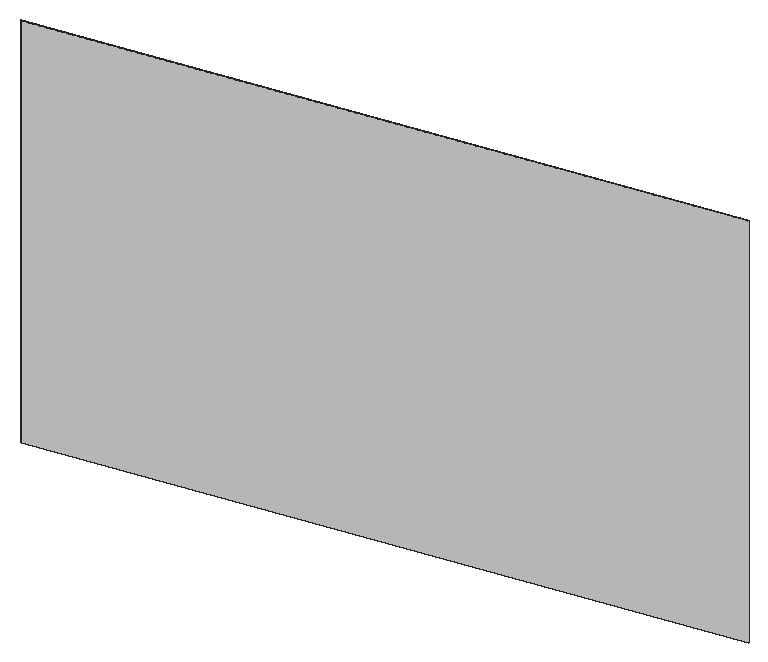
Revit family
Parameters (values of type "1800mm Wide")
  Width = 1800 mm
  built-in parameter 1008623 [instance] = (empty or 0)
  built-in parameter 1008625 [instance] = 32.47°
  Post = no
  built-in parameter 1008624 [instance] = (empty or 0)
  built-in parameter 1008622 [instance] = 750 mm
Reference planes
  plane 1 "Center (Front/Back)": y = 0
  plane 2: z = 0
  plane 3 "Center (Left/Right)": x = 0
  plane 4 "Top": z = 750
  plane 5 "Top Cut Angle": through (0, 339.699, 533.838) normal (0, -0.5369, -0.8437)
  plane 6 "Bottom Cut Angle": through (0, 0, 0) normal (0, -0.5369, -0.8437)
  plane 7 "Front": y = 900
  plane 8 "Back": y = -900
Forms (mm)
  Extrusion 1, solid, material "Fence - ChainLink"
    sketch origin (0, 0, 0) x (0, 1, 0) y (0, 0, 1)
      loop
        line (-900, 572.701) -> (900, -572.701) -> (900, 177.299) -> (-900, 1322.701) -> (-900, 572.701)
    from -1.5 to 1.5
Text (mm)
  text "Baluster Panel Elevation" at (0, 774.199, 1016.929), in view "Left"
Dimensions and locks
  "built-in parameter 1008622": plane 2 to plane 4 "Top"
  equal spacing: plane 7 "Front", plane 1 "Center (Front/Back)", plane 8 "Back"
  "Width": plane 7 "Front" to plane 8 "Back"
  "built-in parameter 1008625": angle plane 4 "Top" to plane 5 "Top Cut Angle"
  "built-in parameter 1008625": angle level to plane 6 "Bottom Cut Angle"
  aligned and locked: plane 8 "Back" to Extrusion 1 sketch curve
  aligned and locked: Extrusion 1 sketch curve to plane 7 "Front"
  aligned and locked: Extrusion 1 sketch curve to plane 5 "Top Cut Angle"
  aligned and locked: Extrusion 1 sketch curve to plane 6 "Bottom Cut Angle"
